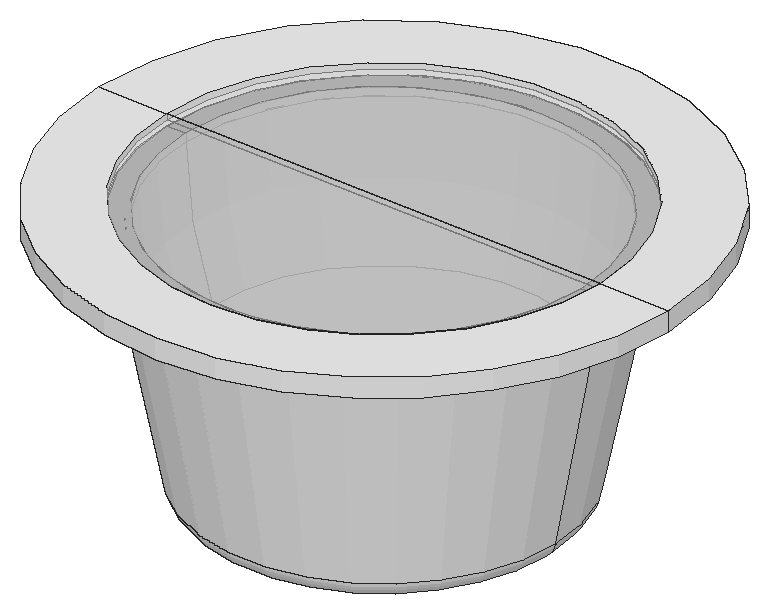
Revit family "2060552+2039013 Sylvania Lighting Fixture ASCENT 100 II ARCH 1900 3K DALI 160 with IP54 PC Cover", category Lighting Fixtures, host Face, Revit 2016
Family settings
  Host = Face
  Part Type = Normal
  Round Connector Dimension = Use Diameter
  OmniClass Number = 23.80.70.11.17
  OmniClass Title = Specialized Lighting by Location or Use
  Cut with Voids When Loaded = No
  Light Source = Yes
  Shared = No
  Room Calculation Point = No
Parameters (values of type "2060552+2039013 ASCT100 II ARCH 1900 3K DALI 160 with IP54 PC Cover")
  WidthBezelAcc_SYL = 25.0 mm
  Weight = "1.2 kg"
  Wattage = 17 W
  WarrantyStartDate [instance] = "n/a"
  WarrantyGuarantorParts = "n/a"
  WarrantyDurationUnit = "n/a"
  WarrantyDurationParts = "n/a"
  WarrantyDescription = "n/a"
  built-in parameter 1150110 = 1 (stored number, unit not read)
  Voltage = 0 V
  VisibilityAccessory_SYL = yes
  TypeName = "ASCENT 100 II ARCH 1900 3K DALI 160 with IP54 PC Cover"
  built-in parameter 1114217 = 1 (stored number, unit not read)
  Tilt Angle = -90°
  built-in parameter 1150109 = 1 (stored number, unit not read)
  built-in parameter 1150134 = (empty or 0)
  built-in parameter 1150113 = 1 (stored number, unit not read)
  SerialNumber [instance] = "n/a"
  ReflectorRadius_SYL = Radius_SYL - 14.5 mm  # 80.0 mm
  RadiusAcc_SYL = 105.0 mm
  Radius_SYL = 94.5 mm
  URL = "http://www.sylvania-lighting.com"
  PowerFactor = 0
  PowerConsumption = "17 W"
  Photometric Web File = "2060552.ies"
  NominalWidth = 0.0 mm
  NominalLength = 0.0 mm
  NominalHeight = 94.0 mm
  Name = "ASCENT 100 II ARCH 1900 3K DALI 160 with IP54 PC Cover"
  ModelReference = "ASCENT 100 II ARCH 1900 3K DALI 160 with IP54 PC Cover"
  ModelNumber = "2060552+2039013"
  Material_4_SYL = none
  Material_3_SYL = Polycarbonate_Sylvania_Ascent_Clear
  Material_2_SYL = Aluminium_Sylvania_Ascent_Silver
  Material_1_SYL = Aluminum_Sylvania_Ascent_White
  Material = "aluminium housing, arcylic diffuser"
  ManufacturerName = "Feilo Sylvania"
  LuminousEfficacy = "109 lm/W"
  built-in parameter 1150105 = 147.46 (stored number, unit not read)
  Lumens = 1853 lm
  LuminaireType = ""
  built-in parameter 1150115 = 1 (stored number, unit not read)
  LightOutputRatio = "100"
  built-in parameter 1150137 = (empty or 0)
  built-in parameter 1150139 = (empty or 0)
  LampsType = Lamp  # "LED"
  LampNominalLuminous = "1847 lm"
  LampMacAdamStep = "3"
  LampColourTemperature = "3000 K"
  LampColourRenderingIndex = "80"
  built-in parameter 1150112 = 1 (stored number, unit not read)
  built-in parameter 1150114 = 1 (stored number, unit not read)
  Keynote = "16500"
  InstallationDate [instance] = "n/a"
  InputVoltage = "n/a"
  InputNominalFrequency = "n/a"
  built-in parameter 1150132 = (empty or 0)
  built-in parameter 1150102 = (empty or 0)
  built-in parameter 1150107 = 3000 (stored number, unit not read)
  built-in parameter 1150138 = (empty or 0)
  IngressProtection = "IP54"
  ImpactProtectionIndex = "IK02"
  built-in parameter 1150106 = 1.4746 (stored number, unit not read)
  IfcExportType = "IfcLightFixtureType"
  IfcExportAs = "IfcLightFixtureType"
  Height_SYL = 94.0 mm
  HeightAcc_SYL = 7.0 mm
  ExpectedLife = 50000
  EmittionSurface_SYL = if(VisibilityAccessory_SYL, 7.0 mm, 3.0 mm)  # 7.0 mm
  Emit from Circle Diameter = DiffuserRadius_SYL * 2  # 146.0 mm
  Emit Shape Visible in Rendering = no
  ElectricShockClassification = "Class II"
  built-in parameter 1150104 = 10.126 (stored number, unit not read)
  DurationUnit = "hours"
  DocumentationLiterature = "http://www.sylvania-lighting.com/product/en-int/products/2060552"
  DimmingControlOptions = "n/a"
  Dimming Lamp Color Temperature Shift = <None>
  DiffuserRadius_SYL = ReflectorRadius_SYL - 7.0 mm  # 73.0 mm
  Diameter_SYL = 2 * Radius_SYL  # 189.0 mm
  CutoutDiameter_SYL = Diameter_SYL - 13.0 mm  # 176.0 mm
  CreatedOn = "9/17/2018"
  CreatedBy = "@sylvania-lighting.com"
  Color Filter = 16777215
  built-in parameter 1114216 [instance] = 1 (stored number, unit not read)
  Model = "ASCENT 100 II ARCH 1900 3K DALI 160 with IP54 PC Cover"
  Manufacturer = "Feilo Sylvania"
  Lamp = "LED"
  Description = "Direct LED retro fit for original LED 100 Arch (160) single CFL lamp offering Matching lumen levels and improved light distribution of original LED 100 CFL lamp equivalents Typically half the power consumption compared to CFL Up to 112lm/W 160mm aperture Architectural reflector accepts range of glass accessories from existing LED 100 Arch 160 offering HE, HO and VHO versions equivalent of single 1 x 18W, 1 x 32W, 1 x 42W\r\n Additional VVHO versions which offer the performance circa 2 x 32W equivalent"  # constant formula
  Default Elevation = 0.0 mm
  built-in parameter 1140040 [instance] = 1
  BarCode [instance] = "n/a"
  built-in parameter 1114218 = 1 (stored number, unit not read)
  built-in parameter 1150133 = 10 (stored number, unit not read)
  AssetType = "Fixed"
  AssetIdentifier [instance] = "n/a"
  Assembly Code = "D5020200"
  Apparent Load = 17 VA
  Aperture_SYL = 2 * ReflectorRadius_SYL  # 160.0 mm
Reference planes
  plane 1 "Center (Front/Back)": y = 0
  plane 2: z = 0
  plane 3 "Center (Left/Right)": x = 0
  plane 4 "Fixture Bottom": z = 3
  plane 5: z = -52.5
  plane 6 "Fixture Top": z = -91
  plane 7: x = -105
  plane 8: z = 7
  plane 9: x = -80
  plane 10: z = 5
  plane 11: x = -103
Forms (mm)
  Extrusion 1, solid, material "Aluminum_Sylvania_Ascent_White", detail levels fine
    sketch origin (0, 0, 0) x (1, 0, 0) y (0, 1, 0)
      loop
        circle (0, 0) r 94.5
      loop
        circle (0, 0) r 80
    from 0 to 3
  Extrusion 2, void
    sketch origin (0, 0, 0) x (1, 0, 0) y (0, 1, 0)
      loop
        circle (0, 0) r 88
    from -91 to 3
  Revolve 3, solid, material "Aluminum_Sylvania_Ascent_White" <- "Material_1_SYL", detail levels fine
    sketch origin (0, 0, 0) x (1, 0, 0) y (0, 0, 1)
      loop
        line (0, -91.073) -> (0, -89.023) -> (-55.468, -89.014)
        arc (-55.468, -89.014) -> (-59.352, -87.613) -> (-61.54, -84.139) r 6.307
        line (-61.54, -84.139) -> (-77.991, -2.844) -> (-77.991, 0) -> (-80, 0) -> (-80, -3) -> (-63.5, -84.536)
        arc (-63.5, -84.536) -> (-60.643, -89.203) -> (-55.5, -91.073) r 8.291
        line (-55.5, -91.073) -> (0, -91.073)
      axis (0, 0) -> (0, -91.073)
    angle from 0 to 360
  Revolve 4, solid, material "Aluminium_Sylvania_Ascent_Silver" <- "Material_2_SYL", detail levels fine
    sketch origin (0, 0, 0) x (1, 0, 0) y (0, 0, 1)
      loop
        line (-80, 3) -> (-80, 0) -> (-75, 0)
        arc (-75, 0) -> (-72.349, -26.77) -> (-64.5, -52.5) r 136.5
        line (-64.5, -52.5) -> (-58, -52.5)
        arc (-58, -52.5) -> (-56.857, -61.521) -> (-53.5, -69.971) r 36.166
        line (-53.5, -69.971) -> (0, -69.971) -> (0, -50.5) -> (-63.16, -50.5)
        arc (-63.16, -50.5) -> (-70.517, -25.725) -> (-73, 0) r 134.5
        line (-73, 0) -> (-73, 3) -> (-80, 3)
      axis (0, 3) -> (0, -69.971)
    angle from 0 to 360
  Extrusion 5, solid, material "Polycarbonate_Sylvania_Ascent_Clear" <- "Material_3_SYL", detail levels fine
    sketch origin (0, 0, 0) x (1, 0, 0) y (0, 1, 0)
      loop
        circle (0, 0) r 73
    from 0 to 3
  Revolve 6, solid, material "Aluminum_Sylvania_Ascent_White" <- "Material_1_SYL", detail levels coarse+medium
    sketch origin (0, 0, 0) x (1, 0, 0) y (0, 0, 1)
      loop
        line (0, -91.073) -> (0, 3) -> (-94.5, 3) -> (-94.5, 0) -> (-79.5, 0) -> (-79.5, -3) -> (-63, -84.536)
        arc (-63, -84.536) -> (-60.143, -89.203) -> (-55, -91.073) r 8.291
        line (-55, -91.073) -> (0, -91.073)
      axis (0, 3) -> (0, -91.073)
    angle from 0 to 360
  Revolve 7, solid, material "Aluminum_Sylvania_Ascent_White" <- "Material_1_SYL", visible <- "VisibilityAccessory_SYL"
    sketch origin (0, 0, 0) x (1, 0, 0) y (0, 0, 1)
      loop
        line (-105, 0) -> (-103, 0) -> (-103, 5) -> (-80, 5) -> (-80, 7) -> (-105, 7) -> (-105, 0)
      axis (0, 7) -> (0, 0)
    angle from 0 to 360
  Revolve 8, solid, material "Polycarbonate_Sylvania_Ascent_Clear" <- "Material_3_SYL", visible <- "VisibilityAccessory_SYL"
    sketch origin (0, 0, 0) x (1, 0, 0) y (0, 0, 1)
      loop
        line (-80, 7) -> (-80, 5) -> (0, 5) -> (0, 7) -> (-80, 7)
      axis (0, 7) -> (0, 5)
    angle from 0 to 360
Lines and regions (mm)
  reference lines
    curve 1: line (-150, 0, 7) -> (125, 0, 7)
Dimensions and locks
  locked: plane 4 "Fixture Bottom" to plane 2 at 3
  "Height_SYL": plane 4 "Fixture Bottom" to plane 6 "Fixture Top"
  "ReflectorRadius_SYL": plane 3 "Center (Left/Right)" to Revolve 4 sketch curve
  locked: Revolve 4 sketch curve to Revolve 4 sketch curve at 15.5
  locked: Revolve 4 sketch curve to Revolve 4 sketch curve at 5
  locked: Revolve 4 sketch curve to Revolve 4 sketch curve at 7
  locked: Revolve 4 sketch curve to Revolve 4 sketch curve at 22
  locked: Revolve 4 sketch curve to Revolve 4 sketch curve at 26.5
  locked: Revolve 3 sketch curve to Revolve 3 sketch curve at 16.5
  locked: Revolve 3 sketch curve to Revolve 3 sketch curve at 24.5
  "ReflectorRadius_SYL": Revolve 3 sketch curve to plane 3 "Center (Left/Right)"
  locked: Revolve 3 sketch curve to plane 6 "Fixture Top" at 6.464
  locked: plane 2 to Revolve 3 sketch curve at 3
  locked: Revolve 3 sketch curve to Revolve 3 sketch curve at 2
  locked: Revolve 3 sketch curve to Revolve 3 sketch curve at 2.009
  locked: plane 2 to plane 5 at 52.5
  locked: Revolve 6 sketch curve to Revolve 6 sketch curve at 31.5
  locked: Revolve 6 sketch curve to Revolve 6 sketch curve at 39.5
  locked: Revolve 6 sketch curve to Revolve 6 sketch curve at 15
  "Radius_SYL": plane 3 "Center (Left/Right)" to Revolve 6 sketch curve
  "RadiusAcc_SYL": plane 3 "Center (Left/Right)" to plane 7
  "HeightAcc_SYL": plane 8 to level
  "WidthBezelAcc_SYL": plane 7 to plane 9
  locked: plane 7 to plane 11 at 2
  locked: plane 8 to plane 10 at 2
  "EmittionSurface_SYL": curve 1 to level
  "CutoutDiameter_SYL": diameter of Extrusion 2 sketch curve
  "ReflectorRadius_SYL": radius of Extrusion 1 sketch curve
  "DiffuserRadius_SYL": radius of Extrusion 5 sketch curve
  "Radius_SYL": radius of Extrusion 1 sketch curve
  aligned and locked: host face to plane 2
  aligned and locked: host face to level
  aligned and locked: plane 4 "Fixture Bottom" to Extrusion 1
  aligned and locked: Extrusion 1 to plane 2
  aligned and locked: Revolve 3 sketch curve to plane 3 "Center (Left/Right)"
  aligned and locked: Revolve 4 sketch curve to plane 3 "Center (Left/Right)"  (x2)
  aligned and locked: plane 4 "Fixture Bottom" to Revolve 4 sketch curve
  aligned and locked: Extrusion 5 to plane 2
  aligned and locked: plane 2 to Revolve 3 sketch curve  (x2)
  aligned and locked: Revolve 6 sketch curve to plane 3 "Center (Left/Right)"
  aligned and locked: plane 6 "Fixture Top" to Extrusion 2
  aligned and locked: Revolve 7 sketch curve to plane 3 "Center (Left/Right)"
  aligned and locked: host face to Revolve 7 sketch curve  (x2)
  aligned and locked: Revolve 7 sketch curve to plane 7
  aligned and locked: plane 8 to Revolve 7 sketch curve
  aligned and locked: plane 9 to Revolve 7 sketch curve
  aligned and locked: Revolve 7 sketch curve to plane 10
  aligned and locked: plane 11 to Revolve 7 sketch curve
  aligned and locked: Revolve 7 to Revolve 8 sketch curve
  aligned and locked: Revolve 8 sketch curve to Revolve 7  (x2)
  aligned and locked: Revolve 8 sketch curve to plane 3 "Center (Left/Right)"  (x2)
  aligned and locked: plane 3 "Center (Left/Right)" to imposter light
  aligned and locked: imposter light to plane 1 "Center (Front/Back)"
  aligned and locked: imposter light to curve 1
Automatic sketch dimensions
  plane 1 "Center (Front/Back)" to Extrusion 2 sketch curve = 0.0 mm
  Extrusion 2 sketch curve to plane 3 "Center (Left/Right)" = 0.0 mm
  Extrusion 1 sketch curve to Extrusion 1 sketch curve = 0.0 mm  (x2)
  plane 1 "Center (Front/Back)" to Extrusion 1 sketch curve = 0.0 mm
  Extrusion 1 sketch curve to plane 3 "Center (Left/Right)" = 0.0 mm
  plane 6 "Fixture Top" to Revolve 3 sketch curve = 0.073 mm
  Revolve 3 sketch curve to plane 6 "Fixture Top" = 6.861 mm
  Revolve 3 sketch curve to Revolve 3 sketch curve = 0.003 mm
  Revolve 3 sketch curve to Revolve 3 sketch curve = 0.009 mm  (x2)
  Revolve 3 sketch curve to Revolve 3 sketch curve = 0.023 mm
  Revolve 3 sketch curve to Revolve 3 sketch curve = 0.072 mm
  Revolve 3 sketch curve to Revolve 3 sketch curve = 0.008 mm
  Revolve 3 sketch curve to plane 6 "Fixture Top" = 1.977 mm
  Revolve 3 sketch curve to Revolve 3 sketch curve = 33.496 mm
  Revolve 3 sketch curve to Revolve 3 sketch curve = 0.028 mm
  plane 4 "Fixture Bottom" to Revolve 3 sketch curve = 82.431 mm
  Revolve 4 sketch curve to Revolve 4 sketch curve = 0.0 mm  (x2)
  Revolve 4 sketch curve to plane 5 = 0.0 mm
  Revolve 4 sketch curve to level = 0.0 mm
  plane 5 to Revolve 4 sketch curve = 2.0 mm
  plane 4 "Fixture Bottom" to Revolve 4 sketch curve = 9.642 mm
  plane 1 "Center (Front/Back)" to Extrusion 5 sketch curve = 0.0 mm
  Extrusion 5 sketch curve to plane 3 "Center (Left/Right)" = 0.0 mm
  Revolve 4 sketch curve to level = 69.971 mm
  Revolve 4 sketch curve to Revolve 4 sketch curve = 2.387 mm
  Revolve 6 sketch curve to level = 0.0 mm
  Revolve 6 sketch curve to plane 3 "Center (Left/Right)" = 0.0 mm
  Revolve 6 sketch curve to Revolve 6 sketch curve = 8.104 mm
  Revolve 6 sketch curve to level = 3.0 mm
  Revolve 6 sketch curve to plane 6 "Fixture Top" = 6.464 mm
  plane 6 "Fixture Top" to Revolve 6 sketch curve = 0.073 mm
  Revolve 6 sketch curve to Revolve 6 sketch curve = 33.496 mm
  plane 4 "Fixture Bottom" to Revolve 6 sketch curve = 82.431 mm
  host sketch curve to host sketch curve = 1704.996 mm
  host sketch curve to host sketch curve = 1500.0 mm
  plane 6 "Fixture Top" to Revolve 7 sketch curve = 281.274 mm
  Revolve 7 sketch curve to plane 8 = 1140.706 mm
  plane 6 "Fixture Top" to Revolve 8 sketch curve = 281.274 mm
  Revolve 8 sketch curve to Revolve 8 sketch curve = 1140.706 mm
  Revolve 3 sketch curve to plane 3 "Center (Left/Right)" = 0.0 mm
  Revolve 6 sketch curve to plane 4 "Fixture Bottom" = 0.0 mm
  plane 7 to curve 1 = 45.0 mm
  plane 3 "Center (Left/Right)" to curve 1 = 125.0 mm
Connectors
  electrical at (0, 0, -91.073), driven by "Apparent Load"
    settings: on Revolve 3, index 1, voltage 240 V, apparent load 0 VA, apparent load phase1 17 VA, apparent load phase2 0 VA, apparent load phase3 0 VA, power factor 1, load classification "Lighting", number of poles 1, system type 31, power factor state 1, is connector primary yes, connector utility no, sub classification motor no, connector description ""
